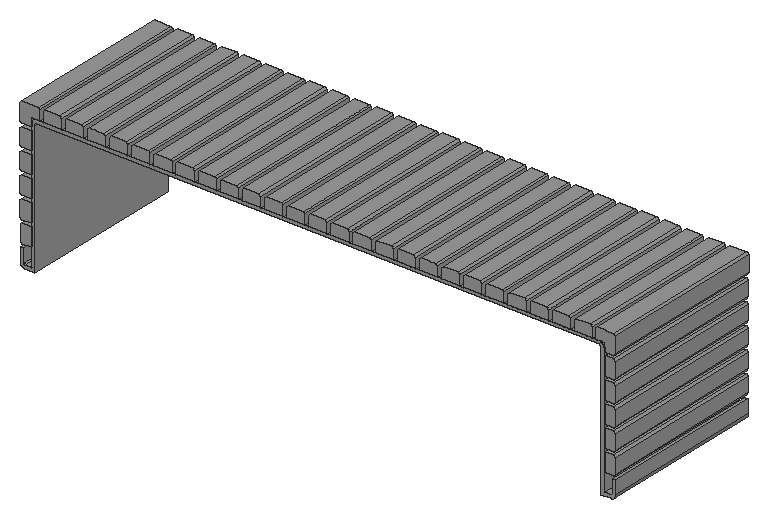
Revit family "Скамейка стальная «Бракет» без спинки Арт 12984", category Антураж, Revit 2018
Family settings
  На основе рабочей плоскости = Нет
  Всегда вертикально = Да
  При загрузке вырезать с полостями = Нет
  Источник визуального образа = Геометрия семейства
  Общий = Нет
  Точка расчета площади = Нет
Parameters (values of type "Версия 1,8 м")
  Ширина = 500 mm  # constant formula
  Цвет основания = Сталь
  Цвет лавки = Дерево
  Описание = if([Версия 1,5 м], "Скамейка стальная «Бракет» без спинки. Версия 1,5 м", "Скамейка стальная «Бракет» без спинки. Версия 1,8 м")  # "Скамейка стальная «Бракет» без спинки. Версия 1,8 м"
  Материал изделия = "Сталь, дерево"  # constant formula
  Изображение типоразмера = Скамейка стальная «Бракет» без спинки Арт 12984.jpg
  Изготовитель = "ООО «Хоббика»"  # constant formula
  Длина = if([Версия 1,5 м], 1500 mm, 1800 mm)  # 1800 mm
  Группа модели = "Скамейки"  # constant formula
  Высота = 450 mm  # constant formula
  Версия 1,8 м = not([Версия 1,5 м])  # yes
  Версия 1,5 м = no
  Артикул товара = "Арт. 12984"  # constant formula
  URL = "https://hobbyka.ru/product/skameyka_ulichnaya_bez_spinki_braket/"
Types (3, lengths in mm): name | Описание | Длина | Версия 1,8 м | Версия 1,5 м
  (no name) | "Скамейка стальная «Бракет» без спинки. Версия 1,8 м" | 1800 | yes | no
  Версия 1,5 м | "Скамейка стальная «Бракет» без спинки. Версия 1,5 м" | 1500 | no | yes
  Версия 1,8 м | "Скамейка стальная «Бракет» без спинки. Версия 1,8 м" | 1800 | yes | no
Reference planes
  plane 1 "По центру (Вперед/Назад)": y = 0
  plane 2: z = 0
  plane 3 "По центру (Влево/Вправо)": x = 0
  plane 4: y = 500
  plane 5: x = 1800
  plane 6: z = 450
Forms (mm)
  Extrusion 1, solid, material "Сталь" <- "Цвет основания"
    sketch origin (0, 0, 0) x (1, 0, 0) y (0, 0, 1)
      loop
        line (0, 55) -> (0, 15)
        arc (0, 15) -> (4.393, 4.393) -> (15, 0) r 15
        line (15, 0) -> (45, 0) -> (45, 400)
        arc (45, 400) -> (46.464, 403.536) -> (50, 405) r 5
        line (50, 405) -> (1750, 405)
        arc (1750, 405) -> (1753.536, 403.536) -> (1755, 400) r 5
        line (1755, 400) -> (1755, 0) -> (1785, 0)
        arc (1785, 0) -> (1795.607, 4.393) -> (1800, 15) r 15
        line (1800, 15) -> (1800, 55) -> (1790, 55) -> (1790, 15)
        arc (1790, 15) -> (1788.536, 11.464) -> (1785, 10) r 5
        line (1785, 10) -> (1765, 10) -> (1765, 400)
        arc (1765, 400) -> (1760.607, 410.607) -> (1750, 415) r 15
        line (1750, 415) -> (50, 415)
        arc (50, 415) -> (39.393, 410.607) -> (35, 400) r 15
        line (35, 400) -> (35, 10) -> (15, 10)
        arc (15, 10) -> (11.464, 11.464) -> (10, 15) r 5
        line (10, 15) -> (10, 55) -> (0, 55)
    from 0 to -500
  Extrusion 2, solid, material "Дерево" <- "Цвет лавки"
    sketch origin (0, 0, 0) x (1, 0, 0) y (0, 0, 1)
      loop
        line (35, 120) -> (5, 120) -> (0, 115) -> (0, 70) -> (5, 65) -> (35, 65) -> (35, 120)
      loop
        line (35, 185) -> (5, 185) -> (0, 180) -> (0, 135) -> (5, 130) -> (35, 130) -> (35, 185)
      loop
        line (35, 250) -> (5, 250) -> (0, 245) -> (0, 200) -> (5, 195) -> (35, 195) -> (35, 250)
      loop
        line (35, 315) -> (5, 315) -> (0, 310) -> (0, 265) -> (5, 260) -> (35, 260) -> (35, 315)
      loop
        line (35, 380) -> (5, 380) -> (0, 375) -> (0, 330) -> (5, 325) -> (35, 325) -> (35, 380)
      loop
        line (35, 415) -> (60, 415) -> (60, 445) -> (55, 450) -> (5, 450) -> (0, 445) -> (0, 395) -> (5, 390) -> (35, 390) -> (35, 415)
      loop
        line (1765, 120) -> (1765, 65) -> (1795, 65) -> (1800, 70) -> (1800, 115) -> (1795, 120) -> (1765, 120)
      loop
        line (1765, 185) -> (1765, 130) -> (1795, 130) -> (1800, 135) -> (1800, 180) -> (1795, 185) -> (1765, 185)
      loop
        line (1765, 250) -> (1765, 195) -> (1795, 195) -> (1800, 200) -> (1800, 245) -> (1795, 250) -> (1765, 250)
      loop
        line (1765, 315) -> (1765, 260) -> (1795, 260) -> (1800, 265) -> (1800, 310) -> (1795, 315) -> (1765, 315)
      loop
        line (1765, 380) -> (1765, 325) -> (1795, 325) -> (1800, 330) -> (1800, 375) -> (1795, 380) -> (1765, 380)
      loop
        line (1765, 415) -> (1765, 390) -> (1795, 390) -> (1800, 395) -> (1800, 445) -> (1795, 450) -> (1745, 450) -> (1740, 445) -> (1740, 415) -> (1765, 415)
    from 0 to -500
  Extrusion 3, solid, material "Дерево" <- "Цвет лавки", visible <- "Версия 1,5 м"
    sketch origin (0, 0, 0) x (1, 0, 0) y (0, 0, 1)
      loop
        line (125, 415) -> (125, 445) -> (120, 450) -> (75, 450) -> (70, 445) -> (70, 415) -> (125, 415)
    from 0 to -500
  Extrusion 4, solid, material "Дерево" <- "Цвет лавки", visible <- "Версия 1,5 м"
    sketch origin (1305, 0, 0) x (1, 0, 0) y (0, 0, 1)
      loop
        line (425, 415) -> (425, 445) -> (420, 450) -> (375, 450) -> (370, 445) -> (370, 415) -> (425, 415)
    from 0 to -500
  Extrusion 5, solid, material "Дерево" <- "Цвет лавки", visible <- "Версия 1,5 м"
    sketch origin (68.684, 0, 0) x (1, 0, 0) y (0, 0, 1)
      loop
        line (125, 415) -> (125, 445) -> (120, 450) -> (75, 450) -> (70, 445) -> (70, 415) -> (125, 415)
    from 0 to -500
  Extrusion 6, solid, material "Дерево" <- "Цвет лавки", visible <- "Версия 1,5 м"
    sketch origin (137.368, 0, 0) x (1, 0, 0) y (0, 0, 1)
      loop
        line (125, 415) -> (125, 445) -> (120, 450) -> (75, 450) -> (70, 445) -> (70, 415) -> (125, 415)
    from 0 to -500
  Extrusion 7, solid, material "Дерево" <- "Цвет лавки", visible <- "Версия 1,5 м"
    sketch origin (206.053, 0, 0) x (1, 0, 0) y (0, 0, 1)
      loop
        line (125, 415) -> (125, 445) -> (120, 450) -> (75, 450) -> (70, 445) -> (70, 415) -> (125, 415)
    from 0 to -500
  Extrusion 8, solid, material "Дерево" <- "Цвет лавки", visible <- "Версия 1,5 м"
    sketch origin (274.737, 0, 0) x (1, 0, 0) y (0, 0, 1)
      loop
        line (125, 415) -> (125, 445) -> (120, 450) -> (75, 450) -> (70, 445) -> (70, 415) -> (125, 415)
    from 0 to -500
  Extrusion 9, solid, material "Дерево" <- "Цвет лавки", visible <- "Версия 1,5 м"
    sketch origin (343.421, 0, 0) x (1, 0, 0) y (0, 0, 1)
      loop
        line (125, 415) -> (125, 445) -> (120, 450) -> (75, 450) -> (70, 445) -> (70, 415) -> (125, 415)
    from 0 to -500
  Extrusion 10, solid, material "Дерево" <- "Цвет лавки", visible <- "Версия 1,5 м"
    sketch origin (412.105, 0, 0) x (1, 0, 0) y (0, 0, 1)
      loop
        line (125, 415) -> (125, 445) -> (120, 450) -> (75, 450) -> (70, 445) -> (70, 415) -> (125, 415)
    from 0 to -500
  Extrusion 11, solid, material "Дерево" <- "Цвет лавки", visible <- "Версия 1,5 м"
    sketch origin (480.789, 0, 0) x (1, 0, 0) y (0, 0, 1)
      loop
        line (125, 415) -> (125, 445) -> (120, 450) -> (75, 450) -> (70, 445) -> (70, 415) -> (125, 415)
    from 0 to -500
  Extrusion 12, solid, material "Дерево" <- "Цвет лавки", visible <- "Версия 1,5 м"
    sketch origin (549.474, 0, 0) x (1, 0, 0) y (0, 0, 1)
      loop
        line (125, 415) -> (125, 445) -> (120, 450) -> (75, 450) -> (70, 445) -> (70, 415) -> (125, 415)
    from 0 to -500
  Extrusion 13, solid, material "Дерево" <- "Цвет лавки", visible <- "Версия 1,5 м"
    sketch origin (618.158, 0, 0) x (1, 0, 0) y (0, 0, 1)
      loop
        line (125, 415) -> (125, 445) -> (120, 450) -> (75, 450) -> (70, 445) -> (70, 415) -> (125, 415)
    from 0 to -500
  Extrusion 14, solid, material "Дерево" <- "Цвет лавки", visible <- "Версия 1,5 м"
    sketch origin (686.842, 0, 0) x (1, 0, 0) y (0, 0, 1)
      loop
        line (425, 415) -> (425, 445) -> (420, 450) -> (375, 450) -> (370, 445) -> (370, 415) -> (425, 415)
    from 0 to -500
  Extrusion 15, solid, material "Дерево" <- "Цвет лавки", visible <- "Версия 1,5 м"
    sketch origin (755.526, 0, 0) x (1, 0, 0) y (0, 0, 1)
      loop
        line (425, 415) -> (425, 445) -> (420, 450) -> (375, 450) -> (370, 445) -> (370, 415) -> (425, 415)
    from 0 to -500
  Extrusion 16, solid, material "Дерево" <- "Цвет лавки", visible <- "Версия 1,5 м"
    sketch origin (824.211, 0, 0) x (1, 0, 0) y (0, 0, 1)
      loop
        line (425, 415) -> (425, 445) -> (420, 450) -> (375, 450) -> (370, 445) -> (370, 415) -> (425, 415)
    from 0 to -500
  Extrusion 17, solid, material "Дерево" <- "Цвет лавки", visible <- "Версия 1,5 м"
    sketch origin (892.895, 0, 0) x (1, 0, 0) y (0, 0, 1)
      loop
        line (425, 415) -> (425, 445) -> (420, 450) -> (375, 450) -> (370, 445) -> (370, 415) -> (425, 415)
    from 0 to -500
  Extrusion 18, solid, material "Дерево" <- "Цвет лавки", visible <- "Версия 1,5 м"
    sketch origin (961.579, 0, 0) x (1, 0, 0) y (0, 0, 1)
      loop
        line (425, 415) -> (425, 445) -> (420, 450) -> (375, 450) -> (370, 445) -> (370, 415) -> (425, 415)
    from 0 to -500
  Extrusion 19, solid, material "Дерево" <- "Цвет лавки", visible <- "Версия 1,5 м"
    sketch origin (1030.263, 0, 0) x (1, 0, 0) y (0, 0, 1)
      loop
        line (425, 415) -> (425, 445) -> (420, 450) -> (375, 450) -> (370, 445) -> (370, 415) -> (425, 415)
    from 0 to -500
  Extrusion 20, solid, material "Дерево" <- "Цвет лавки", visible <- "Версия 1,5 м"
    sketch origin (1098.947, 0, 0) x (1, 0, 0) y (0, 0, 1)
      loop
        line (425, 415) -> (425, 445) -> (420, 450) -> (375, 450) -> (370, 445) -> (370, 415) -> (425, 415)
    from 0 to -500
  Extrusion 21, solid, material "Дерево" <- "Цвет лавки", visible <- "Версия 1,5 м"
    sketch origin (1167.632, 0, 0) x (1, 0, 0) y (0, 0, 1)
      loop
        line (425, 415) -> (425, 445) -> (420, 450) -> (375, 450) -> (370, 445) -> (370, 415) -> (425, 415)
    from 0 to -500
  Extrusion 22, solid, material "Дерево" <- "Цвет лавки", visible <- "Версия 1,5 м"
    sketch origin (1236.316, 0, 0) x (1, 0, 0) y (0, 0, 1)
      loop
        line (425, 415) -> (425, 445) -> (420, 450) -> (375, 450) -> (370, 445) -> (370, 415) -> (425, 415)
    from 0 to -500
  Extrusion 23, solid, material "Дерево" <- "Цвет лавки", visible <- "Версия 1,8 м"
    sketch origin (0, 0, 0) x (1, 0, 0) y (0, 0, 1)
      loop
        line (125, 415) -> (125, 445) -> (120, 450) -> (75, 450) -> (70, 445) -> (70, 415) -> (125, 415)
    from 0 to -500
  Extrusion 24, solid, material "Дерево" <- "Цвет лавки", visible <- "Версия 1,8 м"
    sketch origin (1605, 0, 0) x (1, 0, 0) y (0, 0, 1)
      loop
        line (125, 415) -> (125, 445) -> (120, 450) -> (75, 450) -> (70, 445) -> (70, 415) -> (125, 415)
    from 0 to -500
  Extrusion 25, solid, material "Дерево" <- "Цвет лавки", visible <- "Версия 1,8 м"
    sketch origin (66.875, 0, 0) x (1, 0, 0) y (0, 0, 1)
      loop
        line (125, 415) -> (125, 445) -> (120, 450) -> (75, 450) -> (70, 445) -> (70, 415) -> (125, 415)
    from 0 to -500
  Extrusion 26, solid, material "Дерево" <- "Цвет лавки", visible <- "Версия 1,8 м"
    sketch origin (133.75, 0, 0) x (1, 0, 0) y (0, 0, 1)
      loop
        line (125, 415) -> (125, 445) -> (120, 450) -> (75, 450) -> (70, 445) -> (70, 415) -> (125, 415)
    from 0 to -500
  Extrusion 27, solid, material "Дерево" <- "Цвет лавки", visible <- "Версия 1,8 м"
    sketch origin (200.625, 0, 0) x (1, 0, 0) y (0, 0, 1)
      loop
        line (125, 415) -> (125, 445) -> (120, 450) -> (75, 450) -> (70, 445) -> (70, 415) -> (125, 415)
    from 0 to -500
  Extrusion 28, solid, material "Дерево" <- "Цвет лавки", visible <- "Версия 1,8 м"
    sketch origin (267.5, 0, 0) x (1, 0, 0) y (0, 0, 1)
      loop
        line (125, 415) -> (125, 445) -> (120, 450) -> (75, 450) -> (70, 445) -> (70, 415) -> (125, 415)
    from 0 to -500
  Extrusion 29, solid, material "Дерево" <- "Цвет лавки", visible <- "Версия 1,8 м"
    sketch origin (334.375, 0, 0) x (1, 0, 0) y (0, 0, 1)
      loop
        line (125, 415) -> (125, 445) -> (120, 450) -> (75, 450) -> (70, 445) -> (70, 415) -> (125, 415)
    from 0 to -500
  Extrusion 30, solid, material "Дерево" <- "Цвет лавки", visible <- "Версия 1,8 м"
    sketch origin (401.25, 0, 0) x (1, 0, 0) y (0, 0, 1)
      loop
        line (125, 415) -> (125, 445) -> (120, 450) -> (75, 450) -> (70, 445) -> (70, 415) -> (125, 415)
    from 0 to -500
  Extrusion 31, solid, material "Дерево" <- "Цвет лавки", visible <- "Версия 1,8 м"
    sketch origin (468.125, 0, 0) x (1, 0, 0) y (0, 0, 1)
      loop
        line (125, 415) -> (125, 445) -> (120, 450) -> (75, 450) -> (70, 445) -> (70, 415) -> (125, 415)
    from 0 to -500
  Extrusion 32, solid, material "Дерево" <- "Цвет лавки", visible <- "Версия 1,8 м"
    sketch origin (535, 0, 0) x (1, 0, 0) y (0, 0, 1)
      loop
        line (125, 415) -> (125, 445) -> (120, 450) -> (75, 450) -> (70, 445) -> (70, 415) -> (125, 415)
    from 0 to -500
  Extrusion 33, solid, material "Дерево" <- "Цвет лавки", visible <- "Версия 1,8 м"
    sketch origin (601.875, 0, 0) x (1, 0, 0) y (0, 0, 1)
      loop
        line (125, 415) -> (125, 445) -> (120, 450) -> (75, 450) -> (70, 445) -> (70, 415) -> (125, 415)
    from 0 to -500
  Extrusion 34, solid, material "Дерево" <- "Цвет лавки", visible <- "Версия 1,8 м"
    sketch origin (668.75, 0, 0) x (1, 0, 0) y (0, 0, 1)
      loop
        line (125, 415) -> (125, 445) -> (120, 450) -> (75, 450) -> (70, 445) -> (70, 415) -> (125, 415)
    from 0 to -500
  Extrusion 35, solid, material "Дерево" <- "Цвет лавки", visible <- "Версия 1,8 м"
    sketch origin (735.625, 0, 0) x (1, 0, 0) y (0, 0, 1)
      loop
        line (125, 415) -> (125, 445) -> (120, 450) -> (75, 450) -> (70, 445) -> (70, 415) -> (125, 415)
    from 0 to -500
  Extrusion 36, solid, material "Дерево" <- "Цвет лавки", visible <- "Версия 1,8 м"
    sketch origin (802.5, 0, 0) x (1, 0, 0) y (0, 0, 1)
      loop
        line (125, 415) -> (125, 445) -> (120, 450) -> (75, 450) -> (70, 445) -> (70, 415) -> (125, 415)
    from 0 to -500
  Extrusion 37, solid, material "Дерево" <- "Цвет лавки", visible <- "Версия 1,8 м"
    sketch origin (869.375, 0, 0) x (1, 0, 0) y (0, 0, 1)
      loop
        line (125, 415) -> (125, 445) -> (120, 450) -> (75, 450) -> (70, 445) -> (70, 415) -> (125, 415)
    from 0 to -500
  Extrusion 38, solid, material "Дерево" <- "Цвет лавки", visible <- "Версия 1,8 м"
    sketch origin (936.25, 0, 0) x (1, 0, 0) y (0, 0, 1)
      loop
        line (125, 415) -> (125, 445) -> (120, 450) -> (75, 450) -> (70, 445) -> (70, 415) -> (125, 415)
    from 0 to -500
  Extrusion 39, solid, material "Дерево" <- "Цвет лавки", visible <- "Версия 1,8 м"
    sketch origin (1003.125, 0, 0) x (1, 0, 0) y (0, 0, 1)
      loop
        line (125, 415) -> (125, 445) -> (120, 450) -> (75, 450) -> (70, 445) -> (70, 415) -> (125, 415)
    from 0 to -500
  Extrusion 40, solid, material "Дерево" <- "Цвет лавки", visible <- "Версия 1,8 м"
    sketch origin (1070, 0, 0) x (1, 0, 0) y (0, 0, 1)
      loop
        line (125, 415) -> (125, 445) -> (120, 450) -> (75, 450) -> (70, 445) -> (70, 415) -> (125, 415)
    from 0 to -500
  Extrusion 41, solid, material "Дерево" <- "Цвет лавки", visible <- "Версия 1,8 м"
    sketch origin (1136.875, 0, 0) x (1, 0, 0) y (0, 0, 1)
      loop
        line (125, 415) -> (125, 445) -> (120, 450) -> (75, 450) -> (70, 445) -> (70, 415) -> (125, 415)
    from 0 to -500
  Extrusion 42, solid, material "Дерево" <- "Цвет лавки", visible <- "Версия 1,8 м"
    sketch origin (1203.75, 0, 0) x (1, 0, 0) y (0, 0, 1)
      loop
        line (125, 415) -> (125, 445) -> (120, 450) -> (75, 450) -> (70, 445) -> (70, 415) -> (125, 415)
    from 0 to -500
  Extrusion 43, solid, material "Дерево" <- "Цвет лавки", visible <- "Версия 1,8 м"
    sketch origin (1270.625, 0, 0) x (1, 0, 0) y (0, 0, 1)
      loop
        line (125, 415) -> (125, 445) -> (120, 450) -> (75, 450) -> (70, 445) -> (70, 415) -> (125, 415)
    from 0 to -500
  Extrusion 44, solid, material "Дерево" <- "Цвет лавки", visible <- "Версия 1,8 м"
    sketch origin (1337.5, 0, 0) x (1, 0, 0) y (0, 0, 1)
      loop
        line (125, 415) -> (125, 445) -> (120, 450) -> (75, 450) -> (70, 445) -> (70, 415) -> (125, 415)
    from 0 to -500
  Extrusion 45, solid, material "Дерево" <- "Цвет лавки", visible <- "Версия 1,8 м"
    sketch origin (1404.375, 0, 0) x (1, 0, 0) y (0, 0, 1)
      loop
        line (125, 415) -> (125, 445) -> (120, 450) -> (75, 450) -> (70, 445) -> (70, 415) -> (125, 415)
    from 0 to -500
  Extrusion 46, solid, material "Дерево" <- "Цвет лавки", visible <- "Версия 1,8 м"
    sketch origin (1471.25, 0, 0) x (1, 0, 0) y (0, 0, 1)
      loop
        line (125, 415) -> (125, 445) -> (120, 450) -> (75, 450) -> (70, 445) -> (70, 415) -> (125, 415)
    from 0 to -500
  Extrusion 47, solid, material "Дерево" <- "Цвет лавки", visible <- "Версия 1,8 м"
    sketch origin (1538.125, 0, 0) x (1, 0, 0) y (0, 0, 1)
      loop
        line (125, 415) -> (125, 445) -> (120, 450) -> (75, 450) -> (70, 445) -> (70, 415) -> (125, 415)
    from 0 to -500
Dimensions and locks
  "Длина": plane 3 "По центру (Влево/Вправо)" to plane 5
  "Ширина": plane 4 to plane 1 "По центру (Вперед/Назад)"
  "Высота": plane 6 to plane 2
  equal spacing: group 1, group 3, group 4, group 5, group 6, group 7, group 8, group 9, group 10, group 11, group 12, group 13, group 14, group 15, group 16, group 17, group 18, group 19, group 20, group 21, group 22, group 23, group 24, group 25, group 2  (x3)
  aligned and locked: level to plane 2
Automatic sketch dimensions
  Extrusion 1 sketch curve to Extrusion 1 sketch curve = 0 mm  (x8)
  Extrusion 1 sketch curve to plane 3 "По центру (Влево/Вправо)" = 0 mm
  Extrusion 1 sketch curve to level = 0 mm  (x2)
  Extrusion 1 sketch curve to plane 5 = 0 mm
  plane 3 "По центру (Влево/Вправо)" to Extrusion 1 sketch curve = 10 mm
  Extrusion 1 sketch curve to Extrusion 1 sketch curve = 5 mm  (x3)
  plane 3 "По центру (Влево/Вправо)" to Extrusion 1 sketch curve = 35 mm
  Extrusion 1 sketch curve to Extrusion 1 sketch curve = 10 mm
  Extrusion 1 sketch curve to plane 5 = 50 mm
  Extrusion 1 sketch curve to plane 5 = 45 mm
  Extrusion 1 sketch curve to plane 5 = 15 mm
  Extrusion 1 sketch curve to Extrusion 1 sketch curve = 40 mm  (x2)
  Extrusion 1 sketch curve to plane 6 = 50 mm
  Extrusion 2 sketch curve to plane 3 "По центру (Влево/Вправо)" = 0 mm  (x6)
  Extrusion 2 sketch curve to plane 6 = 0 mm  (x2)
  Extrusion 2 sketch curve to plane 5 = 0 mm  (x6)
  plane 3 "По центру (Влево/Вправо)" to Extrusion 2 sketch curve = 5 mm  (x12)
  Extrusion 2 sketch curve to Extrusion 2 sketch curve = 30 mm  (x2)
  Extrusion 2 sketch curve to Extrusion 2 sketch curve = 0 mm  (x6)
  Extrusion 2 sketch curve to Extrusion 2 sketch curve = 20 mm  (x3)
  Extrusion 2 sketch curve to Extrusion 2 sketch curve = 25 mm  (x4)
  Extrusion 2 sketch curve to Extrusion 2 sketch curve = 5 mm  (x22)
  Extrusion 2 sketch curve to plane 5 = 35 mm  (x4)
  Extrusion 2 sketch curve to plane 5 = 5 mm  (x12)
  Extrusion 2 sketch curve to plane 6 = 5 mm  (x4)
  Extrusion 2 sketch curve to plane 6 = 35 mm  (x2)
  Extrusion 2 sketch curve to Extrusion 2 sketch curve = 10 mm  (x10)
  Extrusion 2 sketch curve to Extrusion 2 sketch curve = 45 mm  (x10)
  Extrusion 3 sketch curve to Extrusion 3 sketch curve = 5 mm  (x3)
  Extrusion 3 sketch curve to Extrusion 3 sketch curve = 45 mm
  Extrusion 3 sketch curve to Extrusion 3 sketch curve = 30 mm  (x2)
  Extrusion 4 sketch curve to Extrusion 4 sketch curve = 5 mm  (x3)
  Extrusion 4 sketch curve to Extrusion 4 sketch curve = 45 mm
  Extrusion 4 sketch curve to Extrusion 4 sketch curve = 30 mm  (x2)
  Extrusion 5 sketch curve to Extrusion 5 sketch curve = 5 mm  (x3)
  Extrusion 5 sketch curve to Extrusion 5 sketch curve = 45 mm
  Extrusion 5 sketch curve to Extrusion 5 sketch curve = 30 mm  (x2)
  Extrusion 6 sketch curve to Extrusion 6 sketch curve = 5 mm  (x3)
  Extrusion 6 sketch curve to Extrusion 6 sketch curve = 45 mm
  Extrusion 6 sketch curve to Extrusion 6 sketch curve = 30 mm  (x2)
  Extrusion 7 sketch curve to Extrusion 7 sketch curve = 5 mm  (x3)
  Extrusion 7 sketch curve to Extrusion 7 sketch curve = 45 mm
  Extrusion 7 sketch curve to Extrusion 7 sketch curve = 30 mm  (x2)
  Extrusion 8 sketch curve to Extrusion 8 sketch curve = 5 mm  (x3)
  Extrusion 8 sketch curve to Extrusion 8 sketch curve = 45 mm
  Extrusion 8 sketch curve to Extrusion 8 sketch curve = 30 mm  (x2)
  Extrusion 9 sketch curve to Extrusion 9 sketch curve = 5 mm  (x3)
  Extrusion 9 sketch curve to Extrusion 9 sketch curve = 45 mm
  Extrusion 9 sketch curve to Extrusion 9 sketch curve = 30 mm  (x2)
  Extrusion 10 sketch curve to Extrusion 10 sketch curve = 5 mm  (x3)
  Extrusion 10 sketch curve to Extrusion 10 sketch curve = 45 mm
  Extrusion 10 sketch curve to Extrusion 10 sketch curve = 30 mm  (x2)
  Extrusion 11 sketch curve to Extrusion 11 sketch curve = 5 mm  (x3)
  Extrusion 11 sketch curve to Extrusion 11 sketch curve = 45 mm
  Extrusion 11 sketch curve to Extrusion 11 sketch curve = 30 mm  (x2)
  Extrusion 12 sketch curve to Extrusion 12 sketch curve = 5 mm  (x3)
  Extrusion 12 sketch curve to Extrusion 12 sketch curve = 45 mm
  Extrusion 12 sketch curve to Extrusion 12 sketch curve = 30 mm  (x2)
  Extrusion 13 sketch curve to Extrusion 13 sketch curve = 5 mm  (x3)
  Extrusion 13 sketch curve to Extrusion 13 sketch curve = 45 mm
  Extrusion 13 sketch curve to Extrusion 13 sketch curve = 30 mm  (x2)
  Extrusion 14 sketch curve to Extrusion 14 sketch curve = 5 mm  (x3)
  Extrusion 14 sketch curve to Extrusion 14 sketch curve = 45 mm
  Extrusion 14 sketch curve to Extrusion 14 sketch curve = 30 mm  (x2)
  Extrusion 15 sketch curve to Extrusion 15 sketch curve = 5 mm  (x3)
  Extrusion 15 sketch curve to Extrusion 15 sketch curve = 45 mm
  Extrusion 15 sketch curve to Extrusion 15 sketch curve = 30 mm  (x2)
  Extrusion 16 sketch curve to Extrusion 16 sketch curve = 5 mm  (x3)
  Extrusion 16 sketch curve to Extrusion 16 sketch curve = 45 mm
  Extrusion 16 sketch curve to Extrusion 16 sketch curve = 30 mm  (x2)
  Extrusion 17 sketch curve to Extrusion 17 sketch curve = 5 mm  (x3)
  Extrusion 17 sketch curve to Extrusion 17 sketch curve = 45 mm
  Extrusion 17 sketch curve to Extrusion 17 sketch curve = 30 mm  (x2)
  Extrusion 18 sketch curve to Extrusion 18 sketch curve = 5 mm  (x3)
  Extrusion 18 sketch curve to Extrusion 18 sketch curve = 45 mm
  Extrusion 18 sketch curve to Extrusion 18 sketch curve = 30 mm  (x2)
  Extrusion 19 sketch curve to Extrusion 19 sketch curve = 5 mm  (x3)
  Extrusion 19 sketch curve to Extrusion 19 sketch curve = 45 mm
  Extrusion 19 sketch curve to Extrusion 19 sketch curve = 30 mm  (x2)
  Extrusion 20 sketch curve to Extrusion 20 sketch curve = 5 mm  (x3)
  Extrusion 20 sketch curve to Extrusion 20 sketch curve = 45 mm
  Extrusion 20 sketch curve to Extrusion 20 sketch curve = 30 mm  (x2)
  Extrusion 21 sketch curve to Extrusion 21 sketch curve = 5 mm  (x3)
  Extrusion 21 sketch curve to Extrusion 21 sketch curve = 45 mm
  Extrusion 21 sketch curve to Extrusion 21 sketch curve = 30 mm  (x2)
  Extrusion 22 sketch curve to Extrusion 22 sketch curve = 5 mm  (x3)
  Extrusion 22 sketch curve to Extrusion 22 sketch curve = 45 mm
  Extrusion 22 sketch curve to Extrusion 22 sketch curve = 30 mm  (x2)
  Extrusion 3 sketch curve to plane 6 = 0 mm
  plane 3 "По центру (Влево/Вправо)" to Extrusion 3 sketch curve = 70 mm
  Extrusion 4 sketch curve to plane 6 = 0 mm
  Extrusion 4 sketch curve to plane 5 = 125 mm
  Extrusion 5 sketch curve to plane 6 = 0 mm
  plane 3 "По центру (Влево/Вправо)" to Extrusion 5 sketch curve = 138.684 mm
  Extrusion 6 sketch curve to plane 6 = 0 mm
  plane 3 "По центру (Влево/Вправо)" to Extrusion 6 sketch curve = 207.368 mm
  Extrusion 7 sketch curve to plane 6 = 0 mm
  plane 3 "По центру (Влево/Вправо)" to Extrusion 7 sketch curve = 276.053 mm
  Extrusion 8 sketch curve to plane 6 = 0 mm
  plane 3 "По центру (Влево/Вправо)" to Extrusion 8 sketch curve = 344.737 mm
  Extrusion 9 sketch curve to plane 6 = 0 mm
  plane 3 "По центру (Влево/Вправо)" to Extrusion 9 sketch curve = 413.421 mm
  Extrusion 10 sketch curve to plane 6 = 0 mm
  plane 3 "По центру (Влево/Вправо)" to Extrusion 10 sketch curve = 482.105 mm
  Extrusion 11 sketch curve to plane 6 = 0 mm
  plane 3 "По центру (Влево/Вправо)" to Extrusion 11 sketch curve = 550.789 mm
  Extrusion 12 sketch curve to plane 6 = 0 mm
  plane 3 "По центру (Влево/Вправо)" to Extrusion 12 sketch curve = 619.474 mm
  Extrusion 13 sketch curve to plane 6 = 0 mm
  plane 3 "По центру (Влево/Вправо)" to Extrusion 13 sketch curve = 688.158 mm
  Extrusion 14 sketch curve to plane 6 = 0 mm
  Extrusion 14 sketch curve to plane 5 = 743.158 mm
  Extrusion 15 sketch curve to plane 6 = 0 mm
  Extrusion 15 sketch curve to plane 5 = 674.474 mm
  Extrusion 16 sketch curve to plane 6 = 0 mm
  Extrusion 16 sketch curve to plane 5 = 605.789 mm
  Extrusion 17 sketch curve to plane 6 = 0 mm
  Extrusion 17 sketch curve to plane 5 = 537.105 mm
  Extrusion 18 sketch curve to plane 6 = 0 mm
  Extrusion 18 sketch curve to plane 5 = 468.421 mm
  Extrusion 19 sketch curve to plane 6 = 0 mm
  Extrusion 19 sketch curve to plane 5 = 399.737 mm
  Extrusion 20 sketch curve to plane 6 = 0 mm
  Extrusion 20 sketch curve to plane 5 = 331.053 mm
  Extrusion 21 sketch curve to plane 6 = 0 mm
  Extrusion 21 sketch curve to plane 5 = 262.368 mm
  Extrusion 22 sketch curve to plane 6 = 0 mm
  Extrusion 22 sketch curve to plane 5 = 193.684 mm
  Extrusion 23 sketch curve to Extrusion 23 sketch curve = 5 mm  (x3)
  Extrusion 23 sketch curve to Extrusion 23 sketch curve = 45 mm
  Extrusion 23 sketch curve to Extrusion 23 sketch curve = 30 mm  (x2)
  Extrusion 24 sketch curve to Extrusion 24 sketch curve = 5 mm  (x3)
  Extrusion 24 sketch curve to Extrusion 24 sketch curve = 45 mm
  Extrusion 24 sketch curve to Extrusion 24 sketch curve = 30 mm  (x2)
  Extrusion 25 sketch curve to Extrusion 25 sketch curve = 5 mm  (x3)
  Extrusion 25 sketch curve to Extrusion 25 sketch curve = 45 mm
  Extrusion 25 sketch curve to Extrusion 25 sketch curve = 30 mm  (x2)
  Extrusion 26 sketch curve to Extrusion 26 sketch curve = 5 mm  (x3)
  Extrusion 26 sketch curve to Extrusion 26 sketch curve = 45 mm
  Extrusion 26 sketch curve to Extrusion 26 sketch curve = 30 mm  (x2)
  Extrusion 27 sketch curve to Extrusion 27 sketch curve = 5 mm  (x3)
  Extrusion 27 sketch curve to Extrusion 27 sketch curve = 45 mm
  Extrusion 27 sketch curve to Extrusion 27 sketch curve = 30 mm  (x2)
  Extrusion 28 sketch curve to Extrusion 28 sketch curve = 5 mm  (x3)
  Extrusion 28 sketch curve to Extrusion 28 sketch curve = 45 mm
  Extrusion 28 sketch curve to Extrusion 28 sketch curve = 30 mm  (x2)
  Extrusion 29 sketch curve to Extrusion 29 sketch curve = 5 mm  (x3)
  Extrusion 29 sketch curve to Extrusion 29 sketch curve = 45 mm
  Extrusion 29 sketch curve to Extrusion 29 sketch curve = 30 mm  (x2)
  Extrusion 30 sketch curve to Extrusion 30 sketch curve = 5 mm  (x3)
  Extrusion 30 sketch curve to Extrusion 30 sketch curve = 45 mm
  Extrusion 30 sketch curve to Extrusion 30 sketch curve = 30 mm  (x2)
  Extrusion 31 sketch curve to Extrusion 31 sketch curve = 5 mm  (x3)
  Extrusion 31 sketch curve to Extrusion 31 sketch curve = 45 mm
  Extrusion 31 sketch curve to Extrusion 31 sketch curve = 30 mm  (x2)
  Extrusion 32 sketch curve to Extrusion 32 sketch curve = 5 mm  (x3)
  Extrusion 32 sketch curve to Extrusion 32 sketch curve = 45 mm
  Extrusion 32 sketch curve to Extrusion 32 sketch curve = 30 mm  (x2)
  Extrusion 33 sketch curve to Extrusion 33 sketch curve = 5 mm  (x3)
  Extrusion 33 sketch curve to Extrusion 33 sketch curve = 45 mm
  Extrusion 33 sketch curve to Extrusion 33 sketch curve = 30 mm  (x2)
  Extrusion 34 sketch curve to Extrusion 34 sketch curve = 5 mm  (x3)
  Extrusion 34 sketch curve to Extrusion 34 sketch curve = 45 mm
  Extrusion 34 sketch curve to Extrusion 34 sketch curve = 30 mm  (x2)
  Extrusion 35 sketch curve to Extrusion 35 sketch curve = 5 mm  (x3)
  Extrusion 35 sketch curve to Extrusion 35 sketch curve = 45 mm
  Extrusion 35 sketch curve to Extrusion 35 sketch curve = 30 mm  (x2)
  Extrusion 36 sketch curve to Extrusion 36 sketch curve = 5 mm  (x3)
  Extrusion 36 sketch curve to Extrusion 36 sketch curve = 45 mm
  Extrusion 36 sketch curve to Extrusion 36 sketch curve = 30 mm  (x2)
  Extrusion 37 sketch curve to Extrusion 37 sketch curve = 5 mm  (x3)
  Extrusion 37 sketch curve to Extrusion 37 sketch curve = 45 mm
  Extrusion 37 sketch curve to Extrusion 37 sketch curve = 30 mm  (x2)
  Extrusion 38 sketch curve to Extrusion 38 sketch curve = 5 mm  (x3)
  Extrusion 38 sketch curve to Extrusion 38 sketch curve = 45 mm
  Extrusion 38 sketch curve to Extrusion 38 sketch curve = 30 mm  (x2)
  Extrusion 39 sketch curve to Extrusion 39 sketch curve = 5 mm  (x3)
  Extrusion 39 sketch curve to Extrusion 39 sketch curve = 45 mm
  Extrusion 39 sketch curve to Extrusion 39 sketch curve = 30 mm  (x2)
  Extrusion 40 sketch curve to Extrusion 40 sketch curve = 5 mm  (x3)
  Extrusion 40 sketch curve to Extrusion 40 sketch curve = 45 mm
  Extrusion 40 sketch curve to Extrusion 40 sketch curve = 30 mm  (x2)
  Extrusion 41 sketch curve to Extrusion 41 sketch curve = 5 mm  (x3)
  Extrusion 41 sketch curve to Extrusion 41 sketch curve = 45 mm
  Extrusion 41 sketch curve to Extrusion 41 sketch curve = 30 mm  (x2)
  Extrusion 42 sketch curve to Extrusion 42 sketch curve = 5 mm  (x3)
  Extrusion 42 sketch curve to Extrusion 42 sketch curve = 45 mm
  Extrusion 42 sketch curve to Extrusion 42 sketch curve = 30 mm  (x2)
  Extrusion 43 sketch curve to Extrusion 43 sketch curve = 5 mm  (x3)
  Extrusion 43 sketch curve to Extrusion 43 sketch curve = 45 mm
  Extrusion 43 sketch curve to Extrusion 43 sketch curve = 30 mm  (x2)
  Extrusion 44 sketch curve to Extrusion 44 sketch curve = 5 mm  (x3)
  Extrusion 44 sketch curve to Extrusion 44 sketch curve = 45 mm
  Extrusion 44 sketch curve to Extrusion 44 sketch curve = 30 mm  (x2)
  Extrusion 45 sketch curve to Extrusion 45 sketch curve = 5 mm  (x3)
  Extrusion 45 sketch curve to Extrusion 45 sketch curve = 45 mm
  Extrusion 45 sketch curve to Extrusion 45 sketch curve = 30 mm  (x2)
  Extrusion 46 sketch curve to Extrusion 46 sketch curve = 5 mm  (x3)
  Extrusion 46 sketch curve to Extrusion 46 sketch curve = 45 mm
  Extrusion 46 sketch curve to Extrusion 46 sketch curve = 30 mm  (x2)
  Extrusion 47 sketch curve to Extrusion 47 sketch curve = 5 mm  (x3)
  Extrusion 47 sketch curve to Extrusion 47 sketch curve = 45 mm
  Extrusion 47 sketch curve to Extrusion 47 sketch curve = 30 mm  (x2)
